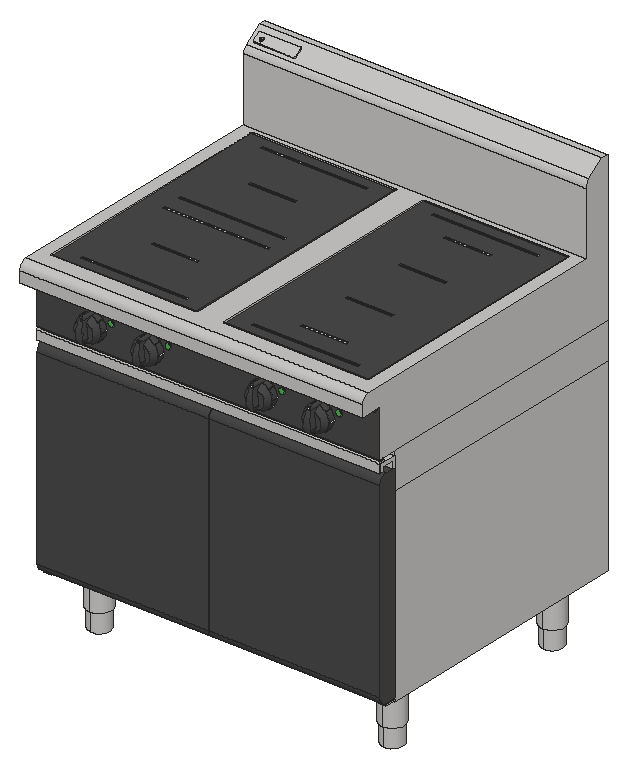
Revit family "QF_Moffat_INB8400R3F-CD_Induction_Cooktop_cat", category Specialty Equipment, Revit 2019 (continued)
Definition of nested family "QF_LOGO_Waldorf"
  Lines and regions (mm)
    Split face 1
      outline origin (0, -1.881, 2.589) x (1, 0, 0) y (0, 0.809017, 0.587785)
        loop
          spline (30.894, 12.287) -> (31.018, 11.719) -> (31.142, 11.155) -> (31.266, 10.594) -> (31.39, 10.038) -> (31.514, 9.485) -> (31.638, 8.936) -> (31.762, 8.391) -> (31.885, 7.85) -> (32.009, 7.313) -> (32.133, 6.78) -> (32.256, 6.252) -> (32.379, 5.728)
          line (32.379, 5.728) -> (36.51, 5.728)
          spline (36.51, 5.728) -> (36.766, 6.605) -> (37.023, 7.495) -> (37.28, 8.396) -> (37.538, 9.308) -> (37.795, 10.232) -> (38.053, 11.166) -> (38.311, 12.11) -> (38.569, 13.065) -> (38.826, 14.028) -> (39.083, 15.002) -> (39.34, 15.984) -> (39.597, 16.975)
          line (39.597, 16.975) -> (35.637, 16.975)
          spline (35.637, 16.975) -> (35.523, 16.334) -> (35.41, 15.697) -> (35.296, 15.063) -> (35.182, 14.433) -> (35.068, 13.807) -> (34.954, 13.185) -> (34.84, 12.566) -> (34.726, 11.952) -> (34.612, 11.342) -> (34.497, 10.737) -> (34.383, 10.135) -> (34.269, 9.538)
          spline (34.269, 9.538) -> (34.138, 10.135) -> (34.008, 10.737) -> (33.877, 11.342) -> (33.746, 11.952) -> (33.616, 12.566) -> (33.485, 13.185) -> (33.354, 13.807) -> (33.224, 14.433) -> (33.093, 15.063) -> (32.963, 15.697) -> (32.833, 16.334) -> (32.703, 16.975)
          line (32.703, 16.975) -> (29.247, 16.975)
          spline (29.247, 16.975) -> (29.111, 16.334) -> (28.974, 15.697) -> (28.837, 15.063) -> (28.7, 14.433) -> (28.562, 13.807) -> (28.425, 13.185) -> (28.288, 12.566) -> (28.15, 11.952) -> (28.013, 11.342) -> (27.875, 10.737) -> (27.738, 10.135) -> (27.6, 9.538)
          spline (27.6, 9.538) -> (27.483, 10.135) -> (27.366, 10.737) -> (27.249, 11.342) -> (27.132, 11.952) -> (27.015, 12.566) -> (26.897, 13.185) -> (26.78, 13.807) -> (26.663, 14.433) -> (26.546, 15.063) -> (26.43, 15.697) -> (26.313, 16.334) -> (26.196, 16.975)
          line (26.196, 16.975) -> (22.129, 16.975)
    Split face 2
      outline origin (0, -1.881, 2.589) x (1, 0, 0) y (0, 0.809017, 0.587785)
        loop
          line (51.449, 5.728) -> (51.035, 6.606) -> (51.035, 11.169)
          spline (51.035, 11.169) -> (50.686, 12.42) -> (50.176, 13.224) -> (49.51, 13.708) -> (48.693, 13.995) -> (47.747, 14.152) -> (46.698, 14.207) -> (45.579, 14.186) -> (44.419, 14.114) -> (43.279, 13.929) -> (42.249, 13.481) -> (41.424, 12.614) -> (40.897, 11.169)
          line (40.897, 11.169) -> (44.617, 11.169) -> (44.988, 11.965)
          spline (44.988, 11.965) -> (47.294, 11.682) -> (46.856, 10.932) -> (45.527, 10.609) -> (43.858, 10.439) -> (42.259, 10.123) -> (41.078, 9.417) -> (40.563, 8.246) -> (40.689, 6.989) -> (41.407, 6.052) -> (42.774, 5.536) -> (44.847, 5.497) -> (47.306, 6.602)
          line (47.306, 6.602) -> (47.624, 5.728) -> (51.449, 5.728)
    Split face 3
      outline origin (0, -1.881, 2.589) x (1, 0, 0) y (0, 0.809017, 0.587785)
        loop
          line (47.264, 9.264) -> (44.938, 8.597)
          spline (44.938, 8.597) -> (44.508, 8.228) -> (44.402, 7.9) -> (44.548, 7.626) -> (44.877, 7.42) -> (45.317, 7.295) -> (45.797, 7.265) -> (46.252, 7.342) -> (46.65, 7.525) -> (46.971, 7.813) -> (47.194, 8.201) -> (47.298, 8.685) -> (47.264, 9.264)
    Split face 4
      outline origin (0, -1.881, 2.589) x (1, 0, 0) y (0, 0.809017, 0.587785)
        loop
          line (53.33, 16.975) -> (53.33, 5.728) -> (57.173, 5.728) -> (57.173, 16.975) -> (53.33, 16.975)
    Split face 5
      outline origin (0, -1.881, 2.589) x (1, 0, 0) y (0, 0.809017, 0.587785)
        loop
          line (65.795, 16.975) -> (65.795, 12.976)
          spline (65.795, 12.976) -> (63.839, 14.082) -> (62.087, 14.096) -> (60.633, 13.343) -> (59.574, 12.148) -> (58.99, 10.806) -> (58.867, 9.452) -> (59.156, 8.159) -> (59.81, 7) -> (60.786, 6.056) -> (62.111, 5.514) -> (63.868, 5.634) -> (66.137, 6.679)
          line (66.137, 6.679) -> (66.137, 5.728) -> (69.511, 5.728) -> (69.511, 16.975) -> (65.795, 16.975)
    Split face 6
      outline origin (0, -1.881, 2.589) x (1, 0, 0) y (0, 0.809017, 0.587785)
        loop
          spline (64.273, 7.499) -> (64.754, 7.57) -> (65.202, 7.777) -> (65.587, 8.106) -> (65.882, 8.535) -> (66.067, 9.034) -> (66.131, 9.57) -> (66.067, 10.106) -> (65.882, 10.605) -> (65.587, 11.034) -> (65.202, 11.363) -> (64.754, 11.57) -> (64.273, 11.64)
          spline (64.273, 11.64) -> (63.793, 11.57) -> (63.345, 11.363) -> (62.96, 11.034) -> (62.665, 10.605) -> (62.479, 10.106) -> (62.416, 9.57) -> (62.479, 9.034) -> (62.665, 8.535) -> (62.96, 8.106) -> (63.345, 7.777) -> (63.793, 7.57) -> (64.273, 7.499)
    Split face 7
      outline origin (0, -1.881, 2.589) x (1, 0, 0) y (0, 0.809017, 0.587785)
        loop
          spline (76.449, 5.305) -> (77.855, 5.457) -> (79.166, 5.901) -> (80.291, 6.607) -> (81.155, 7.527) -> (81.698, 8.599) -> (81.883, 9.749) -> (81.698, 10.899) -> (81.155, 11.97) -> (80.291, 12.891) -> (79.166, 13.597) -> (77.855, 14.041) -> (76.449, 14.192)
          spline (76.449, 14.192) -> (75.042, 14.041) -> (73.731, 13.597) -> (72.606, 12.891) -> (71.742, 11.97) -> (71.199, 10.899) -> (71.014, 9.749) -> (71.199, 8.599) -> (71.742, 7.527) -> (72.606, 6.607) -> (73.731, 5.901) -> (75.042, 5.457) -> (76.449, 5.305)
    Split face 8
      outline origin (0, -1.881, 2.589) x (1, 0, 0) y (0, 0.809017, 0.587785)
        loop
          spline (76.449, 7.654) -> (76.841, 7.725) -> (77.206, 7.934) -> (77.52, 8.267) -> (77.76, 8.701) -> (77.912, 9.206) -> (77.963, 9.749) -> (77.912, 10.291) -> (77.76, 10.796) -> (77.52, 11.23) -> (77.206, 11.563) -> (76.841, 11.772) -> (76.449, 11.843)
          spline (76.449, 11.843) -> (76.057, 11.772) -> (75.691, 11.563) -> (75.378, 11.23) -> (75.137, 10.796) -> (74.986, 10.291) -> (74.934, 9.749) -> (74.986, 9.206) -> (75.137, 8.701) -> (75.378, 8.267) -> (75.691, 7.934) -> (76.057, 7.725) -> (76.449, 7.654)
    Split face 9
      outline origin (0, -1.881, 2.589) x (1, 0, 0) y (0, 0.809017, 0.587785)
        loop
          line (86.998, 12.335) -> (86.998, 13.879) -> (83.479, 13.879) -> (83.479, 5.728) -> (87.312, 5.728) -> (87.312, 8.975)
          spline (87.312, 8.975) -> (87.364, 9.356) -> (87.458, 9.686) -> (87.594, 9.968) -> (87.769, 10.204) -> (87.982, 10.398) -> (88.229, 10.55) -> (88.509, 10.666) -> (88.82, 10.746) -> (89.16, 10.794) -> (89.525, 10.812) -> (89.915, 10.803) -> (90.327, 10.77)
          line (90.327, 10.77) -> (90.327, 14.113)
          spline (90.327, 14.113) -> (89.929, 14.127) -> (89.552, 14.111) -> (89.197, 14.066) -> (88.865, 13.991) -> (88.554, 13.887) -> (88.266, 13.754) -> (87.999, 13.591) -> (87.755, 13.399) -> (87.532, 13.177) -> (87.332, 12.926) -> (87.154, 12.645) -> (86.998, 12.335)
    Split face 10
      outline origin (0, -1.881, 2.589) x (1, 0, 0) y (0, 0.809017, 0.587785)
        loop
          line (92.082, 13.879) -> (90.894, 13.879) -> (90.894, 11.972) -> (92.082, 11.972) -> (92.082, 5.728) -> (95.871, 5.728) -> (95.871, 11.972) -> (97.5, 11.972) -> (97.5, 13.879) -> (95.871, 13.879)
          spline (95.871, 13.879) -> (95.843, 14.088) -> (95.845, 14.278) -> (95.877, 14.447) -> (95.939, 14.596) -> (96.03, 14.726) -> (96.151, 14.835) -> (96.301, 14.925) -> (96.482, 14.995) -> (96.692, 15.045) -> (96.931, 15.075) -> (97.201, 15.085) -> (97.5, 15.076)
          line (97.5, 15.076) -> (97.5, 17.266) -> (95.367, 17.266)
          spline (95.367, 17.266) -> (94.982, 17.253) -> (94.58, 17.21) -> (94.174, 17.132) -> (93.774, 17.013) -> (93.39, 16.846) -> (93.034, 16.627) -> (92.717, 16.349) -> (92.448, 16.007) -> (92.24, 15.595) -> (92.102, 15.106) -> (92.046, 14.537) -> (92.082, 13.879)
  Dimensions and locks
    equal spacing: plane 3 "LEFT", plane 7 "Center Y", plane 4 "RIGHT"
    "Length": plane 3 "LEFT" to plane 4 "RIGHT"
    equal spacing: plane 5 "FRONT", plane 8 "Center X", plane 1 "BACK"
    "Depth": plane 5 "FRONT" to plane 1 "BACK"
    "Height": plane 6 "TOP" to level
    plane 4 "RIGHT" to plane 3 "LEFT" = 138 mm
    aligned and locked: level to plane 2
  Automatic sketch dimensions
    Extrusion 1 sketch curve to plane 3 "LEFT" = 0 mm
    plane 3 "LEFT" to Extrusion 1 sketch curve = 4 mm  (x2)
    Extrusion 1 sketch curve to Extrusion 1 sketch curve = 10.75 mm
    Extrusion 1 sketch curve to Extrusion 1 sketch curve = 0.5 mm
    plane 4 "RIGHT" to Extrusion 1 sketch curve = 33 mm
    Extrusion 1 sketch curve to Extrusion 1 sketch curve = 0 mm  (x3)
    Extrusion 1 sketch curve to Extrusion 1 sketch curve = 4 mm
    Extrusion 1 sketch curve to Extrusion 1 sketch curve = 3.464 mm  (x3)
    Extrusion 1 sketch curve to Extrusion 1 sketch curve = 3.541 mm
    Extrusion 1 sketch curve to Extrusion 1 sketch curve = 4.325 mm
    Extrusion 1 sketch curve to Extrusion 1 sketch curve = 19.783 mm
    Extrusion 1 sketch curve to Extrusion 1 sketch curve = 7.592 mm
    plane 3 "LEFT" to Extrusion 2 sketch curve = 15.25 mm
    Extrusion 2 sketch curve to Extrusion 2 sketch curve = 4.325 mm
    plane 3 "LEFT" to Extrusion 3 sketch curve = 14.75 mm
    Extrusion 3 sketch curve to Extrusion 3 sketch curve = 4.325 mm
    Extrusion 1 to Split face 1 sketch curve = 6.879 mm
    Split face 1 sketch curve to Extrusion 1 = 5.728 mm
    Split face 1 sketch curve to Split face 1 sketch curve = 3.132 mm
    Split face 1 sketch curve to Split face 1 sketch curve = 4.068 mm
    Split face 1 sketch curve to Split face 1 sketch curve = 3.051 mm
    Split face 1 sketch curve to Split face 1 sketch curve = 4.203 mm
    Split face 1 sketch curve to Split face 1 sketch curve = 2.916 mm
    Split face 1 sketch curve to Split face 1 sketch curve = 3.456 mm
    Split face 1 sketch curve to Split face 1 sketch curve = 2.934 mm
    Split face 1 sketch curve to Split face 1 sketch curve = 4.131 mm
    Split face 1 sketch curve to Split face 1 sketch curve = 3.96 mm
    Split face 1 sketch curve to Split face 1 sketch curve = 0 mm  (x2)
    Split face 1 sketch curve to Extrusion 1 = 9.736 mm  (x2)
    Extrusion 1 to Split face 1 sketch curve = 6.337 mm
    Extrusion 1 to Split face 1 sketch curve = 6.231 mm
    Extrusion 1 to Split face 1 sketch curve = 3.184 mm
    Extrusion 1 to Split face 1 sketch curve = 13.135 mm
    Split face 1 sketch curve to Split face 1 sketch curve = 4.652 mm
    Split face 1 sketch curve to Split face 1 sketch curve = 3.593 mm
    Split face 1 sketch curve to Split face 1 sketch curve = 1.863 mm
    Split face 1 sketch curve to Split face 1 sketch curve = 0.713 mm
    Split face 1 sketch curve to Split face 1 sketch curve = 2.684 mm
    Split face 1 sketch curve to Split face 1 sketch curve = 3.294 mm
    Split face 1 sketch curve to Split face 1 sketch curve = 0.459 mm
    Split face 1 sketch curve to Split face 1 sketch curve = 2.775 mm
    Split face 1 sketch curve to Split face 1 sketch curve = 1.89 mm
    Split face 1 sketch curve to Split face 1 sketch curve = 0.685 mm
    Split face 1 sketch curve to Split face 1 sketch curve = 9.486 mm
    Split face 1 sketch curve to Split face 1 sketch curve = 16.213 mm
    Split face 1 sketch curve to Split face 1 sketch curve = 3.48 mm
    Split face 1 sketch curve to Split face 1 sketch curve = 4.918 mm
    Split face 1 sketch curve to Split face 1 sketch curve = 7.609 mm
    Split face 1 sketch curve to Split face 1 sketch curve = 0.01 mm  (x2)
    Split face 1 sketch curve to Split face 1 sketch curve = 0.002 mm
    Split face 2 sketch curve to Extrusion 1 = 11.169 mm
    Extrusion 1 to Split face 2 sketch curve = 25.647 mm
    Split face 2 sketch curve to Split face 2 sketch curve = 3.72 mm
    Split face 2 sketch curve to Extrusion 1 = 11.965 mm
    Split face 2 sketch curve to Split face 2 sketch curve = 0.371 mm
    Split face 2 sketch curve to Extrusion 1 = 6.602 mm
    Split face 2 sketch curve to Split face 2 sketch curve = 2.689 mm
    Split face 2 sketch curve to Split face 2 sketch curve = 0.318 mm
    Split face 2 sketch curve to Split face 2 sketch curve = 3.729 mm
    Split face 2 sketch curve to Split face 2 sketch curve = 0.414 mm
    Split face 2 sketch curve to Split face 2 sketch curve = 0.875 mm
    Split face 2 sketch curve to Split face 2 sketch curve = 0.878 mm
    Split face 3 sketch curve to Extrusion 1 = 8.597 mm
    Extrusion 1 to Split face 3 sketch curve = 29.688 mm
    Split face 3 sketch curve to Extrusion 1 = 9.264 mm
    Split face 3 sketch curve to Split face 3 sketch curve = 2.326 mm
    Split face 4 sketch curve to Extrusion 1 = 5.728 mm
    Extrusion 1 to Split face 4 sketch curve = 38.08 mm
    Split face 4 sketch curve to Split face 4 sketch curve = 3.843 mm
    Split face 4 sketch curve to Extrusion 1 = 9.736 mm
    Split face 5 sketch curve to Extrusion 1 = 9.736 mm
    Split face 5 sketch curve to Extrusion 1 = 43.205 mm
    Split face 5 sketch curve to Extrusion 1 = 6.679 mm
    Split face 5 sketch curve to Split face 5 sketch curve = 0.342 mm
    Split face 5 sketch curve to Split face 5 sketch curve = 3.375 mm
    Split face 5 sketch curve to Split face 5 sketch curve = 0.952 mm
    Split face 5 sketch curve to Split face 5 sketch curve = 3.998 mm
    Split face 6 sketch curve to Extrusion 1 = 7.499 mm
    Split face 6 sketch curve to Extrusion 1 = 44.727 mm
    Split face 6 sketch curve to Split face 6 sketch curve = 2.07 mm
    Split face 7 sketch curve to Extrusion 1 = 5.305 mm
    Split face 7 sketch curve to Extrusion 1 = 32.551 mm
    Split face 7 sketch curve to Split face 7 sketch curve = 4.443 mm
    Split face 8 sketch curve to Extrusion 1 = 7.654 mm
    Split face 8 sketch curve to Extrusion 1 = 32.551 mm
    Split face 8 sketch curve to Split face 8 sketch curve = 2.095 mm
    Split face 9 sketch curve to Extrusion 1 = 5.728 mm
    Split face 9 sketch curve to Extrusion 1 = 25.521 mm
    Split face 9 sketch curve to Split face 9 sketch curve = 3.519 mm
    Split face 9 sketch curve to Split face 9 sketch curve = 0.315 mm
    Split face 9 sketch curve to Split face 9 sketch curve = 3.33 mm
    Split face 9 sketch curve to Split face 9 sketch curve = 3.248 mm
    Split face 9 sketch curve to Split face 9 sketch curve = 1.795 mm
    Split face 9 sketch curve to Split face 9 sketch curve = 3.36 mm
    Split face 9 sketch curve to Split face 9 sketch curve = 1.545 mm
    Split face 9 sketch curve to Split face 9 sketch curve = 0.233 mm
    Split face 10 sketch curve to Extrusion 1 = 18.106 mm
    Split face 10 sketch curve to Split face 10 sketch curve = 1.188 mm  (x2)
    Split face 10 sketch curve to Split face 10 sketch curve = 3.285 mm
    Split face 10 sketch curve to Split face 10 sketch curve = 3.789 mm
    Split face 10 sketch curve to Split face 10 sketch curve = 0 mm  (x2)
    Split face 10 sketch curve to Split face 10 sketch curve = 1.629 mm
    Split face 10 sketch curve to Split face 10 sketch curve = 2.133 mm
    Split face 10 sketch curve to Extrusion 1 = 5.728 mm
    Split face 10 sketch curve to Split face 10 sketch curve = 6.245 mm
    Split face 10 sketch curve to Split face 10 sketch curve = 1.907 mm  (x2)
    Split face 10 sketch curve to Split face 10 sketch curve = 1.197 mm
    Split face 10 sketch curve to Split face 10 sketch curve = 2.19 mm
Definition of nested family "Knob"
  Parameters (values of type "Knob")
    Weight in Pounds = 0
    URL Cutsheet = ""
    Specification by User = ""
    Specification by Manufacturer = ""
    Serial Number = ""
    Seismic Rating = ""
    SMACNA No = ""
    Revision Code = ""
    NAFEM Spec ID Number = ""
    Masterspec = ""
    Length = 65 mm
    Item Number = ""
    Installed By = ""
    Identify Quantity as Lot = yes
    Height = 69.5 mm
    Furnished By = ""
    Foodservice Equipment Identifier = yes
    Depth = 59 mm
    CSI MasterFormat = ""
  Reference planes
    plane 1 "BACK": y = 0
    plane 2: z = 0
    plane 3 "LEFT": x = 0
    plane 4 "RIGHT": x = 65
    plane 5 "FRONT": y = -59
    plane 6 "TOP": z = 69.5
    plane 7 "Center Y": x = 32.5
    plane 8 "Center X": y = -29.5
  Forms (mm)
    Revolve 1, solid
      sketch origin (32.5, 175.397, 1219.2) x (0, 1, 0) y (0, 0, 1)
        loop
          line (-175.397, -1186.7) -> (-219.397, -1186.7) -> (-219.397, -1211.501) -> (-202.106, -1219.2) -> (-185.397, -1219.2) -> (-185.397, -1191.7) -> (-175.397, -1191.7) -> (-175.397, -1186.7)
        axis (-219.397, -1186.7) -> (-175.397, -1186.7)
      angle from 0 to 360
    Extrusion 2, solid
      sketch origin (32.5, 175.397, 1219.2) x (0, 1, 0) y (0, 0, 1)
        loop
          line (-202.106, -1154.2) -> (-185.397, -1154.2) -> (-185.397, -1149.7) -> (-224.105, -1149.7)
          arc (-224.105, -1149.7) -> (-233.965, -1178.467) -> (-230.696, -1208.7) r 70
          line (-230.696, -1208.7) -> (-219.397, -1208.7) -> (-219.397, -1161.899) -> (-202.106, -1154.2)
      from -15 to 15
    Extrusion 3, void
      sketch origin (0, 0, 0) x (1, 0, 0) y (0, 0, 1)
        loop
          line (27.501, 64.613) -> (22.02, 20.585)
          arc (22.02, 20.585) -> (32.792, 10.488) -> (42.986, 21.169) r 10.487
          line (42.986, 21.169) -> (37.499, 64.613)
          arc (37.499, 64.613) -> (32.5, 69.5) -> (27.501, 64.613) r 5
        loop
          line (10, 72.977) -> (10, 5.625) -> (55, 5.625) -> (55, 72.977) -> (10, 72.977)
      from 6.142 to 69.687
    Extrusion 4, solid
      sketch origin (0, -34.115, -16.916) x (1, 0, 0) y (0, 0.45399, 0.891007)
        loop
          circle (32.497, 65) r 2
      from 51.525 to 53.075
    Extrusion 5, solid
      sketch origin (32.5, -10, 32.5) x (0, 0, -1) y (-1, 0, 0)
        loop
          line (-23.54, -22.408) -> (-24.106, -22.974)
          arc (-24.106, -22.974) -> (-23.547, -23.547) -> (-22.974, -24.106) r 33.3
          line (-22.974, -24.106) -> (-22.408, -23.54)
          arc (-22.408, -23.54) -> (-22.981, -22.981) -> (-23.54, -22.408) r 32.5
        loop
          arc (-0.8, -33.29) -> (0, -33.3) -> (0.8, -33.29) r 33.3
          line (0.8, -33.29) -> (0.8, -32.49)
          arc (0.8, -32.49) -> (0, -32.5) -> (-0.8, -32.49) r 32.5
          line (-0.8, -32.49) -> (-0.8, -33.29)
        loop
          arc (23.54, -22.408) -> (22.981, -22.981) -> (22.408, -23.54) r 32.5
          line (22.408, -23.54) -> (22.974, -24.106)
          arc (22.974, -24.106) -> (23.547, -23.547) -> (24.106, -22.974) r 33.3
          line (24.106, -22.974) -> (23.54, -22.408)
        loop
          arc (-23.54, 22.408) -> (-22.981, 22.981) -> (-22.408, 23.54) r 32.5
          line (-22.408, 23.54) -> (-22.974, 24.106)
          arc (-22.974, 24.106) -> (-23.547, 23.547) -> (-24.106, 22.974) r 33.3
          line (-24.106, 22.974) -> (-23.54, 22.408)
        loop
          line (-0.8, 33.29) -> (-0.8, 32.49)
          arc (-0.8, 32.49) -> (0, 32.5) -> (0.8, 32.49) r 32.5
          line (0.8, 32.49) -> (0.8, 33.29)
          arc (0.8, 33.29) -> (0, 33.3) -> (-0.8, 33.29) r 33.3
        loop
          line (32.49, -0.8) -> (33.29, -0.8)
          arc (33.29, -0.8) -> (33.3, 0) -> (33.29, 0.8) r 33.3
          line (33.29, 0.8) -> (32.49, 0.8)
          arc (32.49, 0.8) -> (32.5, 0) -> (32.49, -0.8) r 32.5
        loop
          arc (24.106, 22.974) -> (23.547, 23.547) -> (22.974, 24.106) r 33.3
          line (22.974, 24.106) -> (22.408, 23.54)
          arc (22.408, 23.54) -> (22.981, 22.981) -> (23.54, 22.408) r 32.5
          line (23.54, 22.408) -> (24.106, 22.974)
      from 0 to -16.709
  Cuts and joins
    Extrusion 3 cuts Extrusion 2
  Dimensions and locks
    equal spacing: plane 3 "LEFT", plane 7 "Center Y", plane 4 "RIGHT"
    "Length": plane 3 "LEFT" to plane 4 "RIGHT"
    equal spacing: plane 5 "FRONT", plane 8 "Center X", plane 1 "BACK"
    "Depth": plane 5 "FRONT" to plane 1 "BACK"
    "Height": plane 6 "TOP" to level
    plane 4 "RIGHT" to plane 3 "LEFT" = 65 mm
    aligned and locked: level to plane 2
  Automatic sketch dimensions
    Revolve 1 sketch curve to level = 0 mm
    Revolve 1 sketch curve to plane 1 "BACK" = 0 mm  (x2)
    plane 1 "BACK" to Revolve 1 sketch curve = 10 mm
    plane 8 "Center X" to Revolve 1 sketch curve = 2.791 mm
    Revolve 1 sketch curve to plane 8 "Center X" = 14.5 mm
    level to Revolve 1 sketch curve = 7.699 mm
    level to Revolve 1 sketch curve = 27.5 mm
    Revolve 1 sketch curve to Revolve 1 sketch curve = 5 mm
    Revolve 1 sketch curve to Revolve 1 sketch curve = 35 mm
    Revolve 1 sketch curve to Revolve 1 sketch curve = 0 mm
    Extrusion 2 sketch curve to plane 6 "TOP" = 0 mm
    Extrusion 2 sketch curve to plane 5 "FRONT" = 3.702 mm
    Extrusion 2 sketch curve to plane 5 "FRONT" = 10.293 mm
    Extrusion 2 sketch curve to Extrusion 2 sketch curve = 11.298 mm
    plane 8 "Center X" to Extrusion 2 sketch curve = 2.791 mm
    plane 1 "BACK" to Extrusion 2 sketch curve = 10 mm
    Extrusion 2 sketch curve to plane 1 "BACK" = 11 mm
    Extrusion 2 sketch curve to plane 6 "TOP" = 4.5 mm
    Extrusion 2 sketch curve to plane 6 "TOP" = 12.199 mm
    level to Extrusion 2 sketch curve = 32.962 mm
    level to Extrusion 3 sketch curve = 5.625 mm
    Extrusion 3 sketch curve to plane 7 "Center Y" = 0 mm  (x2)
    Extrusion 3 sketch curve to plane 7 "Center Y" = 4.999 mm
    Extrusion 3 sketch curve to plane 7 "Center Y" = 10.48 mm
    plane 6 "TOP" to Extrusion 3 sketch curve = 3.477 mm
    plane 3 "LEFT" to Extrusion 3 sketch curve = 10 mm
    Extrusion 3 sketch curve to plane 6 "TOP" = 4.887 mm
    Extrusion 3 sketch curve to Extrusion 3 sketch curve = 4.999 mm
    plane 7 "Center Y" to Extrusion 3 sketch curve = 10.486 mm
    level to Extrusion 3 sketch curve = 20.585 mm
    Extrusion 3 sketch curve to Extrusion 3 sketch curve = 0.387 mm
    Extrusion 3 sketch curve to Extrusion 3 sketch curve = 0.113 mm
    plane 4 "RIGHT" to Extrusion 3 sketch curve = 10 mm
    Extrusion 5 sketch curve to Revolve 1 = 32.49 mm
    Revolve 1 to Extrusion 5 sketch curve = 32.49 mm
    Extrusion 5 sketch curve to Revolve 1 = 23.54 mm  (x2)
    Revolve 1 to Extrusion 5 sketch curve = 23.54 mm  (x2)
    Extrusion 5 sketch curve to Revolve 1 = 24.106 mm  (x2)
    Revolve 1 to Extrusion 5 sketch curve = 24.106 mm  (x2)
    Revolve 1 to Extrusion 5 sketch curve = 22.408 mm  (x2)
    Extrusion 5 sketch curve to Revolve 1 = 22.408 mm  (x2)
    Revolve 1 to Extrusion 5 sketch curve = 22.974 mm  (x2)
    Extrusion 5 sketch curve to Revolve 1 = 22.974 mm  (x2)
    Extrusion 5 sketch curve to Extrusion 5 sketch curve = 1.6 mm  (x2)
    Revolve 1 to Extrusion 5 sketch curve = 0.8 mm
    Extrusion 5 sketch curve to Revolve 1 = 0.8 mm
    Extrusion 4 sketch curve to plane 7 "Center Y" = 0.003 mm
    radius of Extrusion 5 sketch curve to Revolve 1 = 0 mm  (x7)
    radius of Revolve 1 to Extrusion 5 sketch curve = 0.8 mm  (x7)
    radius of Extrusion 4 sketch curve = 2 mm
Types (2, lengths in mm): name | Volts | Cycle | Apparent Power
  INB8400R3F-CD_415/60/3 | 415 V | 60 Hz | 17230.8 VA
  INB8400R3F-CD_400/50/3 | 400 V | 50 Hz | 16608 VA
